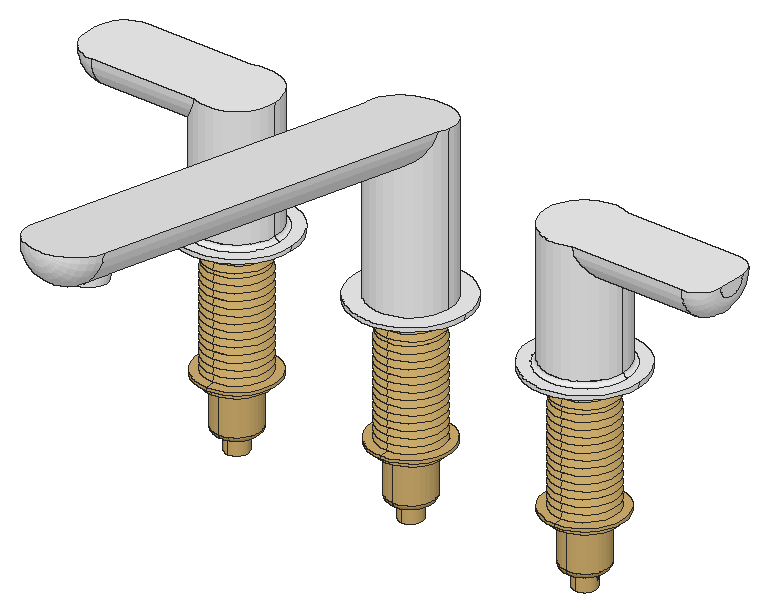
Revit family "Roman_Tub_Filler-American_Standard-Studio_S-T10590X_Series", category Plumbing Fixtures, Revit 2014
Parameters (values of type "T105900")
  Width = 2 1/2"  # constant formula
  Waste Connection = no
  Warranty Information = "Limited Lifetime Function and Finish Warranty"  # constant formula
  WFU = 4
  Vent Connection = no
  URL = "https://www.americanstandard-us.com/"
  Specification = "Two handle deck-mount tub filler shall feature cast brass construction. Shall also feature 1/4 turn washerless ceramic disc valve cartridges."  # constant formula
  Shower Connection Size = if(Shower, 1/2", 0")  # 0"
  Shower Connection Description = if(Shower, "1/2'' Global Inlet Connection", "")  # ""
  Shower = no
  R910 Universal Roman Tub Filler Rough Body – WITH Personal Shower = Shower  # no
  R900 Universal Roman Tub Filler Rough Body – Less Personal Shower = not(Shower)  # yes
  Product Page URL = "https://www.americanstandard-us.com/bathroom/tub-fillers/studio-s-roman-tub-faucet-for-flash-rough-in-valves-33981"
  Product Documentation Link = "https://www.americanstandard-us.com/-/media/sites/asus/files/product-specs/tub-fillers/2018/studio-s-roman-tub-filler-t10590x/specsheet-t105900-t105901.pdf?la=en"
  Price = "Prices may vary. Please consult Manufacturer Representative for most up-to-date price list."  # constant formula
  Model = "T105900"
  Material = "Brass-American Standard-002-Polished Chrome"
  Manufacturer = "American Standard"  # constant formula
  Length = 4"
  Installation Type = "Deck Mounted"  # constant formula
  Hot Water Connection Radius = 1/4"  # constant formula
  Hot Water Connection Diameter = Hot Water Connection Radius * 2  # 1/2"
  Height = 7 13/16"  # constant formula
  Hand Shower = 12"
  HWFU = 3
  HW Connection = yes
  Finish = Brass-American Standard-002-Polished Chrome
  Description = "T105900 Roman Tub Filler Trim LESS Personal Shower, R900 Flash™ Roman Tub Filler Rough Body"
  Default Elevation = 0"
  Creation Date = "10/01/2018"  # constant formula
  Cold Water Connection Radius = 1/4"  # constant formula
  Cold Water Connection Diameter = Cold Water Connection Radius * 2  # 1/2"
  CWFU = 3
  CW Connection = yes
  Assembly Code = "D2020300"
  ADA Compliant = yes
Types (3): name | Shower Connection Size | Shower Connection Description | Shower | R910 Universal Roman Tub Filler Rough Body – WITH Personal Shower | R900 Universal Roman Tub Filler Rough Body – Less Personal Shower | Product Page URL | Model | Description
  (no name) | 0" | "" | no | no | yes | "https://www.americanstandard-us.com/bathroom/tub-fillers/studio-s-roman-tub-faucet-for-flash-rough-in-valves-33981" | "T105900" | "T105900 Roman Tub Filler Trim LESS Personal Shower, R900 Flash™ Roman Tub Filler Rough Body"
  T105900 | 0" | "" | no | no | yes | "https://www.americanstandard-us.com/bathroom/tub-fillers/studio-s-roman-tub-faucet-for-flash-rough-in-valves-33981" | "T105900" | "T105900 Roman Tub Filler Trim LESS Personal Shower, R900 Flash™ Roman Tub Filler Rough Body"
  T105901 | 1/2" | "1/2'' Global Inlet Connection" | yes | yes | no | "https://www.americanstandard-us.com/bathroom/tub-fillers/studio-s-roman-tub-faucet-with-personal-shower-for-flash-rough-in-valves-33985" | "T105901" | "T105901 Roman Tub Filler Trim WITH Personal Shower R910 Flash Roman Tub Filler Rough Body"
Reference planes (in)
  plane 1 "Center (Front/Back)": y = 0.0000966
  plane 2: z = 0
  plane 3 "Center (Left/Right)": x = 0
  plane 4: z = 0
  plane 5: z = 0
  plane 6: z = 2.9375
  plane 7: z = 2.125
  plane 8: x = 1.09375
  plane 9: x = -1.09375
  plane 10: y = 0.8125913
  plane 11: y = -0.8124087
  plane 12: y = 0.8125966
  plane 13: y = -0.8124034
  plane 14: x = 4.1875
  plane 15: x = 2.5625
  plane 16: x = 7.375
  plane 17: x = -7.3750052
  plane 18: x = 12
  plane 19: x = 12.75
  plane 20: x = 11.25
  plane 21: y = 0.8125966
  plane 22: y = -0.8124034
  plane 23: x = 12.8125
  plane 24: x = 11.1875
  plane 25: z = 6.75
  plane 26: y = 1.2500966
  plane 27: y = -10.7499034
  plane 28: z = 4.75
  plane 29: z = 5.6875
  plane 30: y = -9.4374034
  plane 31: z = 7.8125
  plane 32: y = -1.2499034
  plane 33: x = 4
  plane 34: x = -4
Forms (in)
  Extrusion 1, solid, material "Brass-American Standard"
    sketch origin (-2, 0.25, 0) x (1, 0, 0) y (0, 1, 0)
      loop
        circle (-2, -0.2499034) r 0.25
      loop
        circle (6, -0.2499034) r 0.25
    from -3.0739053 to -4.5166894
  Sweep 2, solid, material "Brass-American Standard-002-Polished Chrome" <- "Finish"
    path origin (-0.7896856, 0.0003181, 0.5781766) x (1, 0, 0) y (0, 1, 0)
      loop
        circle (0.7896856, -0.0002215) r 1.25
    profile origin (0, 1.2500966, 0.5781766) x (0, -1, 0) y (0, 0, 1)
      loop
        line (0.3673813, -0.4852445) -> (0, -0.4852445) -> (0, -0.5781766) -> (1.2165862, -0.5781766) -> (1.2165862, 3.6344416) -> (0.3673813, 3.6344416) -> (0.3673813, -0.4852445)
  Sweep 3, solid, material "Brass-American Standard-002-Polished Chrome" <- "Finish"
    path origin (-17.0100269, -34.5452184, 0.5781766) x (-1, 0, 0) y (0, -1, 0)
      loop
        circle (-13.0100269, -34.545315) r 1.25
    profile origin (-4, -1.2499034, 0.5781766) x (0, 1, 0) y (0, 0, 1)
      loop
        line (0.366411, 2.3593234) -> (0.366411, -0.3908914)
        arc (0.366411, -0.3908914) -> (0.3387756, -0.4576091) -> (0.2720579, -0.4852445) r 0.0943531
        line (0.2720579, -0.4852445) -> (0, -0.4852445) -> (0, -0.5781766) -> (1.1649426, -0.5781766) -> (1.1649426, 2.3593234) -> (0.366411, 2.3593234)
  Sweep 4, solid, material "Brass-American Standard-002-Polished Chrome" <- "Finish"
    path origin (44.9899678, -34.5452132, 0.5781766) x (-1, 0, 0) y (0, -1, 0)
      loop
        circle (40.9899678, -34.5453097) r 1.25
    profile origin (4, -1.2499034, 0.5781766) x (0, 1, 0) y (0, 0, 1)
      loop
        line (0.366411, 2.3593234) -> (0.366411, -0.3908914)
        arc (0.366411, -0.3908914) -> (0.3387756, -0.4576091) -> (0.2720579, -0.4852445) r 0.0943531
        line (0.2720579, -0.4852445) -> (0, -0.4852445) -> (0, -0.5781766) -> (1.2316159, -0.5781766) -> (1.2316159, 2.3593234) -> (0.366411, 2.3593234)
  Revolve 5, solid, material "Brass-American Standard-002-Polished Chrome" <- "Finish", visible <- "Shower"
    sketch origin (12, -178.2316012, 32.9903727) x (0, 0, 1) y (0, -1, 0)
      loop
        line (-32.4121961, -178.2316977) -> (-32.1206342, -178.2316977) -> (-32.1206342, -177.5884659)
        arc (-32.1206342, -177.5884659) -> (-32.2455806, -177.467432) -> (-32.4121961, -177.417431) r 0.3674536
        line (-32.4121961, -177.417431) -> (-32.4121961, -178.2316977)
      axis (-32.4121961, -178.2316977) -> (-32.1206342, -178.2316977)
    angle from 0 to 360
  Revolve 6, solid, material "Brass-American Standard-002-Polished Chrome" <- "Finish", visible <- "Shower"
    sketch origin (12, -178.2316012, 33.2599787) x (0, 0, 1) y (0, -1, 0)
      loop
        line (-32.1196218, -177.5706438) -> (-32.609373, -177.6516301) -> (-32.609373, -178.2666492) -> (-31.5179065, -178.0950909) -> (-31.607739, -177.5518434) -> (-32.1094745, -177.6332131) -> (-32.1196218, -177.5706438)
      axis (-32.6078489, -178.2758657) -> (-31.5178196, -178.0956162)
    angle from 0 to 360
  Sweep 7, solid, material "Brass-American Standard-002-Polished Chrome" <- "Finish", visible <- "Shower"
    path origin (119.9899678, -34.5452132, 0.5781766) x (-1, 0, 0) y (0, -1, 0)
      loop
        circle (107.9899678, -34.5453097) r 1.09375
    profile origin (12, -1.0936534, 0.5781766) x (0, 1, 0) y (0, 0, 1)
      loop
        line (0.1767695, -0.5781766) -> (1.0384158, -0.5781766) -> (1.0384158, 0) -> (0.1767695, 0) -> (0.1767695, -0.5781766)
  Revolve 8, solid, material "Brass-American Standard"
    sketch origin (-4, 0, 0.0929321) x (0, 0, -1) y (0, 1, 0)
      loop
        line (0.0929321, -0.6874034) -> (0.1266817, -0.6224039) -> (0.1816704, -0.6509555) -> (0.1964952, -0.6224039) -> (0.3216803, -0.6874034) -> (0.3554299, -0.6224039) -> (0.4516794, -0.6723793) -> (0.477628, -0.6224039) -> (0.6028131, -0.6874034) -> (0.6365627, -0.6224039) -> (0.7116776, -0.6614056) -> (0.7319284, -0.6224039) -> (0.8571135, -0.6874034) -> (0.890863, -0.6224039) -> (1.0160482, -0.6874034) -> (1.0497977, -0.6224039) -> (1.1749828, -0.6874034) -> (1.2087324, -0.6224039) -> (1.3339175, -0.6874034) -> (1.367667, -0.6224039) -> (1.4928522, -0.6874034) -> (1.5266017, -0.6224039) -> (1.6517868, -0.6874034) -> (1.6855364, -0.6224039) -> (1.8107215, -0.6874034) -> (1.844471, -0.6224039) -> (1.9696562, -0.6874034) -> (2.0034057, -0.6224039) -> (2.1285908, -0.6874034) -> (2.1623404, -0.6224039) -> (2.2875255, -0.6874034) -> (2.321275, -0.6224039) -> (2.4464602, -0.6874034) -> (2.4802097, -0.6224039) -> (2.6053948, -0.6874034) -> (2.6391444, -0.6224039) -> (2.7643295, -0.6874034) -> (2.798079, -0.6224039) -> (2.9232642, -0.6874034) -> (2.9555529, -0.6252173) -> (2.9555529, -0.8707812) -> (3.0199009, -0.8707812) -> (3.0199009, -0.7110327) -> (3.1668374, -0.7110327) -> (3.1668374, -0.4530678) -> (3.2216773, -0.5079077) -> (4.0907696, -0.5079077)
        arc (4.0907696, -0.5079077) -> (4.1666547, -0.4764751) -> (4.1980874, -0.4005899) r 0.1073178
        line (4.1980874, -0.4005899) -> (4.1980874, -0.3449726)
        arc (4.1980874, -0.3449726) -> (4.2259325, -0.2777485) -> (4.2931566, -0.2499034) r 0.0950692
        line (4.2931566, -0.2499034) -> (4.6096216, -0.2499034) -> (4.6096216, 0.0000966) -> (0.0929321, 0.0000966) -> (0.0929321, -0.6874034)
      axis (4.6096216, 0.0000966) -> (0.0929321, 0.0000966)
    angle from 0 to 360
  Revolve 9, solid, material "Brass-American Standard", visible <- "Shower"
    sketch origin (12, -178.2316012, 32.7734355) x (0, 0, 1) y (0, -1, 0)
      loop
        line (-32.7734355, -177.5754477) -> (-32.807185, -177.6091973) -> (-32.8721846, -177.5441977) -> (-32.9371841, -177.6091973) -> (-33.0021837, -177.5441977) -> (-33.0671832, -177.6091973) -> (-33.1321828, -177.5441977) -> (-33.1971823, -177.6091973) -> (-33.2621819, -177.5441977) -> (-33.3271814, -177.6091973) -> (-33.392181, -177.5441977) -> (-33.4571805, -177.6091973) -> (-33.5221801, -177.5441977) -> (-33.5871796, -177.6091973) -> (-33.6521792, -177.5441977) -> (-33.7171787, -177.6091973) -> (-33.7821782, -177.5441977) -> (-33.8471778, -177.6091973) -> (-33.9121773, -177.5441977) -> (-33.9771769, -177.6091973) -> (-34.0421764, -177.5441977) -> (-34.107176, -177.6091973) -> (-34.1721755, -177.5441977) -> (-34.2371751, -177.6091973) -> (-34.3021746, -177.5441977) -> (-34.3671742, -177.6091973) -> (-34.4321737, -177.5441977) -> (-34.4971733, -177.6091973) -> (-34.5621728, -177.5441977) -> (-34.6271724, -177.6091973) -> (-34.6921719, -177.5441977) -> (-34.7571714, -177.6091973) -> (-34.822171, -177.5441977) -> (-34.8871705, -177.6091973) -> (-34.9521701, -177.5441977) -> (-35.0171696, -177.6091973) -> (-35.0821692, -177.5441977) -> (-35.1471687, -177.6091973) -> (-35.2121683, -177.5441977) -> (-35.2743544, -177.6063839) -> (-35.2743544, -177.36082) -> (-35.3387024, -177.36082) -> (-35.3387024, -177.5205685) -> (-35.4856389, -177.5205685) -> (-35.4856389, -177.7785334) -> (-35.5404788, -177.7236935) -> (-36.4095711, -177.7236935)
        arc (-36.4095711, -177.7236935) -> (-36.4854562, -177.7551261) -> (-36.5168889, -177.8310112) r 0.1073178
        line (-36.5168889, -177.8310112) -> (-36.5168889, -177.8866286)
        arc (-36.5168889, -177.8866286) -> (-36.544734, -177.9538526) -> (-36.6119581, -177.9816977) r 0.0950692
        line (-36.6119581, -177.9816977) -> (-36.9284231, -177.9816977) -> (-36.9284231, -178.2316977) -> (-32.7734355, -178.2316977) -> (-32.7734355, -177.5754477)
      axis (-36.9284231, -178.2316977) -> (-32.7734355, -178.2316977)
    angle from 0 to 360
  Revolve 10, solid, material "Brass-American Standard"
    sketch origin (0, -0.3058687, 47.3165655) x (0, -1, 0) y (0, 0, 1)
      loop
        line (0.3815348, -47.3165655) -> (-0.3059652, -47.3165655) -> (-0.3059652, -51.833255) -> (-0.0559652, -51.833255) -> (-0.0559652, -51.51679)
        arc (-0.0559652, -51.51679) -> (-0.0281201, -51.4495659) -> (0.0391039, -51.4217208) r 0.0950692
        line (0.0391039, -51.4217208) -> (0.0947213, -51.4217208)
        arc (0.0947213, -51.4217208) -> (0.1706064, -51.3902881) -> (0.202039, -51.314403) r 0.1073178
        line (0.202039, -51.314403) -> (0.202039, -50.4453107) -> (0.1471991, -50.3904708) -> (0.405164, -50.3904708) -> (0.405164, -50.2435343) -> (0.5649125, -50.2435343) -> (0.5649125, -50.1791863) -> (0.3193486, -50.1791863) -> (0.3815348, -50.1468976) -> (0.3165352, -50.0217124) -> (0.3815348, -49.9879629) -> (0.3165352, -49.8627778) -> (0.3815348, -49.8290282) -> (0.3165352, -49.7038431) -> (0.3815348, -49.6700936) -> (0.3165352, -49.5449084) -> (0.3815348, -49.5111589) -> (0.3165352, -49.3859738) -> (0.3815348, -49.3522242) -> (0.3165352, -49.2270391) -> (0.3815348, -49.1932896) -> (0.3165352, -49.0681044) -> (0.3815348, -49.0343549) -> (0.3165352, -48.9091698) -> (0.3815348, -48.8754202) -> (0.3165352, -48.7502351) -> (0.3815348, -48.7164856) -> (0.3165352, -48.5913004) -> (0.3815348, -48.5575509) -> (0.3165352, -48.4323658) -> (0.3815348, -48.3986162) -> (0.3165352, -48.2734311) -> (0.3815348, -48.2396816) -> (0.3165352, -48.1144964) -> (0.3815348, -48.0807469) -> (0.3165352, -47.9555618) -> (0.3555369, -47.935311) -> (0.3165352, -47.8601961) -> (0.3815348, -47.8264465) -> (0.3165352, -47.7012614) -> (0.3665106, -47.6753128) -> (0.3165352, -47.5790633) -> (0.3815348, -47.5453137) -> (0.3165352, -47.4201286) -> (0.3450869, -47.4053038) -> (0.3165352, -47.3503151) -> (0.3815348, -47.3165655)
      axis (-0.3059652, -51.833255) -> (-0.3059652, -47.3165655)
    angle from 0 to 360
  Revolve 11, solid, material "Brass-American Standard"
    sketch origin (4, 0, 0.0929321) x (0, 0, -1) y (0, 1, 0)
      loop
        line (0.0929321, -0.6874034) -> (0.1266817, -0.6224039) -> (0.1816704, -0.6509555) -> (0.1964952, -0.6224039) -> (0.3216803, -0.6874034) -> (0.3554299, -0.6224039) -> (0.4516794, -0.6723793) -> (0.477628, -0.6224039) -> (0.6028131, -0.6874034) -> (0.6365627, -0.6224039) -> (0.7116776, -0.6614056) -> (0.7319284, -0.6224039) -> (0.8571135, -0.6874034) -> (0.890863, -0.6224039) -> (1.0160482, -0.6874034) -> (1.0497977, -0.6224039) -> (1.1749828, -0.6874034) -> (1.2087324, -0.6224039) -> (1.3339175, -0.6874034) -> (1.367667, -0.6224039) -> (1.4928522, -0.6874034) -> (1.5266017, -0.6224039) -> (1.6517868, -0.6874034) -> (1.6855364, -0.6224039) -> (1.8107215, -0.6874034) -> (1.844471, -0.6224039) -> (1.9696562, -0.6874034) -> (2.0034057, -0.6224039) -> (2.1285908, -0.6874034) -> (2.1623404, -0.6224039) -> (2.2875255, -0.6874034) -> (2.321275, -0.6224039) -> (2.4464602, -0.6874034) -> (2.4802097, -0.6224039) -> (2.6053948, -0.6874034) -> (2.6391444, -0.6224039) -> (2.7643295, -0.6874034) -> (2.798079, -0.6224039) -> (2.9232642, -0.6874034) -> (2.9555529, -0.6252173) -> (2.9555529, -0.8707812) -> (3.0199009, -0.8707812) -> (3.0199009, -0.7110327) -> (3.1668374, -0.7110327) -> (3.1668374, -0.4530678) -> (3.2216773, -0.5079077) -> (4.0907696, -0.5079077)
        arc (4.0907696, -0.5079077) -> (4.1666547, -0.4764751) -> (4.1980874, -0.4005899) r 0.1073178
        line (4.1980874, -0.4005899) -> (4.1980874, -0.3449726)
        arc (4.1980874, -0.3449726) -> (4.2259325, -0.2777485) -> (4.2931566, -0.2499034) r 0.0950692
        line (4.2931566, -0.2499034) -> (4.6096216, -0.2499034) -> (4.6096216, 0.0000966) -> (0.0929321, 0.0000966) -> (0.0929321, -0.6874034)
      axis (4.6096216, 0.0000966) -> (0.0929321, 0.0000966)
    angle from 0 to 360
  Extrusion 12, solid, material "Brass-American Standard-002-Polished Chrome" <- "Finish", visible <- "Shower"
    sketch origin (12, -0.0530595, 1.2406809) x (-1, 0, 0) y (0, -0.986602, -0.163147)
      loop
        circle (0, 0) r 0.6461096
    from 0.5082883 to 6.5560833
  Sweep 13, void
    path origin (12, -178.2316012, 32.7734355) x (0, 0, 1) y (0, -1, 0)
      loop
        line (-25.2826866, -176.4901335) -> (-27.7491913, -176.8979999)
    profile origin (12, -1.5375345, 6.2574966) x (0, 0.986602, 0.163147) y (1, 0, 0)
      loop
        arc (0.3180971, -0.5446751) -> (0.0195312, 0) -> (0.3180971, 0.5446751) r 0.6461096
        line (0.3180971, 0.5446751) -> (0.2844782, 0.5973631)
        arc (0.2844782, 0.5973631) -> (-0.0429688, 0) -> (0.2844782, -0.5973631) r 0.7086096
        line (0.2844782, -0.5973631) -> (0.3180971, -0.5446751)
  Revolve 14, solid, material "Brass-American Standard-002-Polished Chrome" <- "Finish"
    sketch origin (-3.375, 0.0000966, 0) x (1, 0, 0) y (0, 0, 1)
      loop
        line (-4.0000052, 2.9375) -> (-4.0000052, 2.8125)
        arc (-4.0000052, 2.8125) -> (-3.7986411, 2.3263641) -> (-3.3125052, 2.125) r 0.6875
        line (-3.3125052, 2.125) -> (-0.4794548, 2.125) -> (-0.4794548, 2.9375) -> (-4.0000052, 2.9375)
      axis (-0.4794548, 2.9375) -> (-4.0000052, 2.9375)
    angle from -90 to 90
  Revolve 15, solid, material "Brass-American Standard-002-Polished Chrome" <- "Finish"
    sketch origin (0, 0.0000966, 0) x (1, 0, 0) y (0, 0, 1)
      loop
        line (7.375, 2.9375) -> (3.775255, 2.9375) -> (3.775255, 2.125) -> (6.875, 2.125)
        arc (6.875, 2.125) -> (7.2285534, 2.2714466) -> (7.375, 2.625) r 0.5
        line (7.375, 2.625) -> (7.375, 2.9375)
      axis (3.775255, 2.9375) -> (7.375, 2.9375)
    angle from 90 to -90
  Revolve 16, solid, material "Brass-American Standard-002-Polished Chrome" <- "Finish"
    sketch origin (0, 0, 0) x (0, 1, 0) y (0, 0, 1)
      loop
        arc (-10.7491527, 5.6947464) -> (-10.5732723, 5.0558109) -> (-10.0084472, 4.7091914) r 0.9026339
        line (-10.0084472, 4.7091914) -> (0.0114352, 2.9424158) -> (0.15764, 3.7715845) -> (-10.7491527, 5.6947464)
      axis (0.15764, 3.7715845) -> (-10.7491527, 5.6947464)
    angle from -90 to 90
  Extrusion 17, void
    sketch origin (-3.375, -0.3058687, 47.3165655) x (0, 1, 0) y (0, 0, 1)
      loop
        line (-0.6898554, -43.3416118) -> (1.3101446, -43.6942658) -> (1.3101446, -43.0292102) -> (-0.6898554, -43.0292102) -> (-0.6898554, -43.3416118)
    from 2.28125 to 4.34375
  Revolve 18, solid, material "Brass-American Standard-002-Polished Chrome" <- "Finish"
    sketch origin (0, -0.0742187, 0.0234375) x (0, 1, 0) y (0, 0, 1)
      loop
        line (-9.371733, 4.502403) -> (-9.3140819, 4.8293588) -> (-9.8064858, 4.9161829) -> (-9.8534762, 4.6496867)
        arc (-9.8534762, 4.6496867) -> (-9.617847, 4.5588977) -> (-9.371733, 4.502403) r 1.7780676
      axis (-9.3140819, 4.8293588) -> (-9.371733, 4.502403)
    angle from 0 to 360
  Extrusion 19, solid, material "Brass-American Standard-002-Polished Chrome" <- "Finish"
    sketch origin (0, 0, 0) x (0, 1, 0) y (0, 0, 1)
      loop
        line (0.0000966, 1.5965528) -> (0.0000966, 0.9068009) -> (0.9741759, 0.9068009)
        arc (0.9741759, 0.9068009) -> (1.0587958, 0.9418516) -> (1.0938466, 1.0264715) r 0.1196707
        line (1.0938466, 1.0264715) -> (1.0938466, 1.4632974)
        arc (1.0938466, 1.4632974) -> (1.054817, 1.5575232) -> (0.9605912, 1.5965528) r 0.1332554
        line (0.9605912, 1.5965528) -> (0.0000966, 1.5965528)
    from -0.1450907 to 0.1422486
  Extrusion 20, solid, not visible
    sketch origin (12, 0.0000966, -4.1549876) x (-1, 0, 0) y (0, 1, 0)
      loop
        circle (0, 0) r 0.25
    from 0 to -0.0777894
Cuts and joins
  joined: Extrusion 1, Revolve 8
  Extrusion 17 cuts Sweep 2
  Extrusion 17 cuts Revolve 16
  joined: Sweep 2, Revolve 16, Revolve 18, Extrusion 19
  Sweep 13 cuts Extrusion 12
  joined: Revolve 6, Extrusion 12
  joined: Sweep 3, Revolve 14
  joined: Sweep 4, Revolve 15
Lines and regions (in)
  Masking region 1
    outline origin (0, 0.375, 0.8906766) x (-1, 0, 0) y (0, -1, 0)
      loop
        arc (-12.6461096, 1.0255919) -> (-12, -0.5420771) -> (-11.3538904, 1.0255919) r 0.9169805
        line (-11.3538904, 1.0255919) -> (-11.3538904, 1.4988962)
        spline (-11.3538904, 1.4988962) -> (-11.375906, 1.6638811) -> (-11.4404526, 1.8176226) -> (-11.5431315, 1.9496435) -> (-11.6769452, 2.0509466) -> (-11.8327745, 2.1146284) -> (-12, 2.1363491) -> (-12.1672255, 2.1146284) -> (-12.3230548, 2.0509466) -> (-12.4568685, 1.9496435) -> (-12.5595474, 1.8176226) -> (-12.624094, 1.6638811) -> (-12.6461096, 1.4988962)
        line (-12.6461096, 1.4988962) -> (-12.6461096, 1.0255919)
  Masking region 2
    outline origin (0, 0.375, 0.8906766) x (-1, 0, 0) y (0, -1, 0)
      loop
        line (4.9499178, -0.4375966) -> (6.6875052, -0.4375966)
        arc (6.6875052, -0.4375966) -> (7.1736411, -0.2362325) -> (7.3750052, 0.2499034) r 0.6875
        line (7.3750052, 0.2499034) -> (7.3750052, 0.4999034)
        arc (7.3750052, 0.4999034) -> (7.1736411, 0.9860393) -> (6.6875052, 1.1874034) r 0.6875
        line (6.6875052, 1.1874034) -> (4.9499178, 1.1874034)
        arc (4.9499178, 1.1874034) -> (3.566928, 1.5474854) -> (2.75, 0.3749034) r 1.25
        arc (2.75, 0.3749034) -> (3.566928, -0.7976786) -> (4.9499178, -0.4375966) r 1.25
  Masking region 3
    outline origin (0, 0.375, 0.8906766) x (-1, 0, 0) y (0, -1, 0)
      loop
        line (-6.875, -0.4375966) -> (-4.9499178, -0.4375966)
        arc (-4.9499178, -0.4375966) -> (-2.75, 0.3749034) -> (-4.9499178, 1.1874034) r 1.25
        line (-4.9499178, 1.1874034) -> (-6.875, 1.1874034)
        arc (-6.875, 1.1874034) -> (-7.2285534, 1.0409568) -> (-7.375, 0.6874034) r 0.5
        line (-7.375, 0.6874034) -> (-7.375, 0.0624034)
        arc (-7.375, 0.0624034) -> (-7.2285534, -0.29115) -> (-6.875, -0.4375966) r 0.5
  Masking region 4
    outline origin (0, 0.375, 0.8906766) x (-1, 0, 0) y (0, -1, 0)
      loop
        arc (-0.8419601, 1.2988099) -> (0, -0.8750966) -> (0.8419601, 1.2988099) r 1.25
        line (0.8419601, 1.2988099) -> (0.8419601, 10.179728)
        spline (0.8419601, 10.179728) -> (0.8345427, 10.2995913) -> (0.8124351, 10.417123) -> (0.776067, 10.5300371) -> (0.7261461, 10.636137) -> (0.6636433, 10.733359) -> (0.5897745, 10.819812) -> (0.5059764, 10.8938143) -> (0.4138791, 10.9539265) -> (0.315274, 10.9989792) -> (0.2120793, 11.0280961) -> (0.1063021, 11.0407109) -> (0, 11.0365781)
        spline (0, 11.0365781) -> (-0.1063021, 11.0407109) -> (-0.2120793, 11.0280961) -> (-0.315274, 10.9989792) -> (-0.4138791, 10.9539265) -> (-0.5059764, 10.8938143) -> (-0.5897745, 10.819812) -> (-0.6636433, 10.733359) -> (-0.7261461, 10.636137) -> (-0.776067, 10.5300371) -> (-0.8124351, 10.417123) -> (-0.8345427, 10.2995913) -> (-0.8419601, 10.179728)
        line (-0.8419601, 10.179728) -> (-0.8419601, 1.2988099)
  symbolic lines, detail levels medium+fine
    curve 1: spline (12.6461096, -1.1238962, 0.8906766) -> (12.624094, -0.9589112, 0.8906766) -> (12.5595474, -0.8051697, 0.8906766) -> (12.4568685, -0.6731488, 0.8906766) -> (12.3230548, -0.5718457, 0.8906766) -> (12.1672255, -0.5081639, 0.8906766) -> (12, -0.4864432, 0.8906766) -> (11.8327745, -0.5081639, 0.8906766) -> (11.6769452, -0.5718457, 0.8906766) -> (11.5431315, -0.6731488, 0.8906766) -> (11.4404526, -0.8051697, 0.8906766) -> (11.375906, -0.9589112, 0.8906766) -> (11.3538904, -1.1238962, 0.8906766)
    curve 2: spline (11.3538904, -0.135985, 0.8906766) -> (11.375906, 0.029, 0.8906766) -> (11.4404526, 0.1827415, 0.8906766) -> (11.5431315, 0.3147623, 0.8906766) -> (11.6769452, 0.4160655, 0.8906766) -> (11.8327745, 0.4797473, 0.8906766) -> (12, 0.501468, 0.8906766) -> (12.1672255, 0.4797473, 0.8906766) -> (12.3230548, 0.4160655, 0.8906766) -> (12.4568685, 0.3147623, 0.8906766) -> (12.5595474, 0.1827415, 0.8906766) -> (12.624094, 0.029, 0.8906766) -> (12.6461096, -0.135985, 0.8906766)
    curve 3: arc (12.6461096, -0.6505919, 0.8906766) -> (12, 0.9170771, 0.8906766) -> (11.3538904, -0.6505919, 0.8906766) r 0.9169805
    curve 5: line (11.3538904, -1.1238962, 0.8906766) -> (11.3538904, -0.135985, 0.8906766)
    curve 6: line (12.6461096, -1.1238962, 0.8906766) -> (12.6461096, -0.135985, 0.8906766)
    curve 9: arc (0.8419601, -0.2647035, 0.8906766) -> (0, 0.8827153, 0.8906766) -> (-0.8419601, -0.2647035, 0.8906766) r 0.8826187
    curve 10: line (-0.8419601, -0.2647035, 0.8906766) -> (-0.8419601, -0.9087075, 0.8906766)
    curve 11: line (0.8419601, -0.9087075, 0.8906766) -> (0.8419601, -0.2647035, 0.8906766)
    curve 12: arc (-3.116411, 0.0000966, 0.8906766) -> (-3.5132172, 0.7375055, 0.8906766) -> (-4.3472365, 0.8125966, 0.8906766) r 0.883589
    curve 13: arc (-4.3472365, -0.8124034, 0.8906766) -> (-3.5132172, -0.7373124, 0.8906766) -> (-3.116411, 0.0000966, 0.8906766) r 0.883589
    curve 14: line (-4.9499178, -0.8124034, 0.8906766) -> (-4.3472365, -0.8124034, 0.8906766)
    curve 15: line (-4.9499178, 0.8125966, 0.8906766) -> (-4.3472365, 0.8125966, 0.8906766)
    curve 16: arc (4.3472365, 0.8125966, 0.8906766) -> (3.116411, 0.0000966, 0.8906766) -> (4.3472365, -0.8124034, 0.8906766) r 0.883589
    curve 17: line (4.3472365, -0.8124034, 0.8906766) -> (4.9499178, -0.8124034, 0.8906766)
    curve 18: line (4.3472365, 0.8125966, 0.8906766) -> (4.9499178, 0.8125966, 0.8906766)
    curve 19: line (-0.1450907, 0.8707082, 0.8906766) -> (-0.1450907, 1.0938466, 0.8906766)
    curve 20: line (0.1422486, 1.0938466, 0.8906766) -> (0.1422486, 0.871177, 0.8906766)
    curve 21: line (0.1422486, 1.0938466, 0.8906766) -> (-0.1450907, 1.0938466, 0.8906766)
  symbolic lines, detail levels fine
    curve 4: arc (11.3538904, -0.4954564, 0.8906766) -> (12, 0.8143634, 0.8906766) -> (12.6461096, -0.4954564, 0.8906766) r 0.8142668
    curve 7: spline (12.5881912, 0.1278517, 0.8906766) -> (12.5368057, 0.2452543, 0.8906766) -> (12.461662, 0.3494526, 0.8906766) -> (12.3660859, 0.4358349, 0.8906766) -> (12.2543073, 0.500578, 0.8906766) -> (12.1312734, 0.5408165, 0.8906766) -> (12.0024295, 0.5547694, 0.8906766) -> (11.8734782, 0.5418194, 0.8906766) -> (11.7501265, 0.5025395, 0.8906766) -> (11.6378338, 0.4386681, 0.8906766) -> (11.5415701, 0.3530322, 0.8906766) -> (11.4655958, 0.2494219, 0.8906766) -> (11.4132735, 0.1324227, 0.8906766)
    curve 8: arc (12.6408704, -0.0549704, 0.8906766) -> (12, 0.6433284, 0.8906766) -> (11.3591296, -0.0549704, 0.8906766) r 0.6432319
Dimensions and locks (in)
  locked: plane 10 to plane 11 at 1.625
  locked: plane 12 to plane 13 at 1.625
  plane 15 to plane 14 = 1 5/8"
  locked: plane 21 to plane 22 at 1.625
  plane 24 to plane 18 to plane 23 = 13/16" locked, 13/16" locked
  equal spacing: plane 19, plane 18, plane 20, locked at 0.75 each
  locked: plane 19 to plane 20 at 1.5
  "Hand Shower": plane 18 to plane 3 "Center (Left/Right)"
  level to plane 6 = 2 15/16"
  plane 8 to plane 3 "Center (Left/Right)" to plane 9 = 1 3/32" locked, 1 3/32" locked
  plane 6 to level = 2 15/16"
  Revolve 14 sketch curve to Revolve 14 sketch curve = 3.52055"
  locked: Revolve 15 sketch curve to Revolve 15 sketch curve at 0.8125
  plane 28 to level = 4 3/4"
  plane 26 to plane 27 = 12"
  plane 1 "Center (Front/Back)" to plane 30 = 9 7/16"
  Extrusion 19 sketch curve to Extrusion 19 sketch curve = 0.68975"
  "Width": plane 32 to plane 26
  "Height": plane 31 to level
  locked: plane 16 to plane 33 at 3.375
  locked: plane 34 to plane 17 at 3.3750052
  equal spacing: plane 33, plane 3 "Center (Left/Right)", plane 34
  "Length": plane 33 to plane 3 "Center (Left/Right)"
  locked: Revolve 15 sketch curve to plane 33 at 0.224745
  locked: Revolve 14 sketch curve to plane 34 at 0.1455452
  plane 33 to plane 34 = 8"
  locked: Masking region 2 sketch curve to Masking region 2 sketch curve at 1.625
  locked: Masking region 3 sketch curve to Masking region 3 sketch curve at 1.625
  aligned and locked: plane 5 to plane 4
  aligned and locked: plane 1 "Center (Front/Back)" to Extrusion 1 sketch curve  (x2)
  aligned and locked: plane 1 "Center (Front/Back)" to Revolve 8 sketch curve
  aligned and locked: plane 3 "Center (Left/Right)" to Revolve 10
  aligned and locked: Extrusion 1 to Revolve 10  (x2)
  aligned and locked: plane 1 "Center (Front/Back)" to Sweep 3 sketch curve
  aligned and locked: plane 1 "Center (Front/Back)" to Sweep 4 sketch curve
  aligned and locked: Extrusion 12 to Revolve 6
  aligned and locked: Masking region 1 sketch curve to Sweep 7
  aligned and locked: curve 3 to Sweep 7
  aligned and locked: curve 4 to Revolve 5
  aligned and locked: Revolve 14 sketch curve to plane 6
  aligned and locked: Revolve 14 sketch curve to plane 7
  aligned and locked: Revolve 15 sketch curve to plane 16
  aligned and locked: Revolve 15 sketch curve to plane 6
  aligned and locked: plane 6 to Revolve 15 sketch curve
  aligned and locked: Revolve 16 to Extrusion 17 sketch curve
  aligned and locked: Extrusion 17 to plane 9
  aligned and locked: Masking region 2 sketch curve to cut or joined group of Sweep 3, Revolve 14  (x4)
  aligned and locked: Masking region 3 sketch curve to cut or joined group of Sweep 4, Revolve 15  (x3)
  aligned and locked: Masking region 4 sketch curve to cut or joined group of Sweep 2, Revolve 16, Extrusion 17, Revolve 18, Extrusion 19
  aligned and locked: cut or joined group of Sweep 2, Revolve 16, Extrusion 17, Revolve 18, Extrusion 19 to Masking region 4 sketch curve  (x2)
  aligned and locked: curve 9 to cut or joined group of Sweep 2, Revolve 16, Extrusion 17, Revolve 18, Extrusion 19
  aligned and locked: curve 10 to cut or joined group of Sweep 2, Revolve 16, Extrusion 17, Revolve 18, Extrusion 19
  aligned and locked: cut or joined group of Sweep 2, Revolve 16, Extrusion 17, Revolve 18, Extrusion 19 to curve 11
  aligned and locked: curve 12 to cut or joined group of Sweep 3, Revolve 14
  aligned and locked: curve 13 to cut or joined group of Sweep 3, Revolve 14
  aligned and locked: curve 16 to cut or joined group of Sweep 4, Revolve 15
  aligned and locked: plane 1 "Center (Front/Back)" to Extrusion 19 sketch curve
  aligned and locked: Extrusion 19 to curve 19
  aligned and locked: curve 20 to Extrusion 19
  aligned and locked: Extrusion 20 sketch curve to Revolve 9
  aligned and locked: Extrusion 20 to Revolve 9
  aligned and locked: plane 33 to Sweep 4 sketch curve
  aligned and locked: plane 34 to Sweep 3 sketch curve
  aligned and locked: plane 34 to Extrusion 1 sketch curve
  aligned and locked: plane 33 to Extrusion 1 sketch curve
Automatic sketch dimensions
  Revolve 5 sketch curve to plane 1 "Center (Front/Back)" = 0"  (x2)
  Revolve 5 sketch curve to Revolve 5 sketch curve = 0.01931"
  Revolve 5 sketch curve to Revolve 5 sketch curve = 0.29156"
  plane 1 "Center (Front/Back)" to Revolve 5 sketch curve = 0.44732"
  Revolve 5 sketch curve to Revolve 5 sketch curve = 0.19591"
  Revolve 5 sketch curve to Revolve 5 sketch curve = 0.28"
  Revolve 5 sketch curve to Revolve 5 sketch curve = 1/4"
  Revolve 6 sketch curve to plane 1 "Center (Front/Back)" = 0.03495"
  level to Revolve 6 sketch curve = 0.65061"
  Revolve 6 sketch curve to Revolve 6 sketch curve = 0.48975"
  Revolve 6 sketch curve to Revolve 6 sketch curve = 0.01015"
  plane 1 "Center (Front/Back)" to Revolve 6 sketch curve = 0.13661"
  Revolve 6 sketch curve to Revolve 6 sketch curve = 23/256"
  Revolve 6 sketch curve to Revolve 6 sketch curve = 0.08099"
  plane 1 "Center (Front/Back)" to Revolve 6 sketch curve = 0.14318"
  Revolve 6 sketch curve to Revolve 6 sketch curve = 0.04302"
  plane 1 "Center (Front/Back)" to Revolve 6 sketch curve = 0.16984"
  Revolve 6 sketch curve to Revolve 6 sketch curve = 0.16119"
  plane 1 "Center (Front/Back)" to Sweep 7 sketch curve = 0"
  Sweep 7 sketch curve to plane 18 = 0"
  Revolve 9 sketch curve to plane 1 "Center (Front/Back)" = 0"  (x2)
  Revolve 9 sketch curve to level = 0"
  Revolve 9 sketch curve to level = 0.03375"
  Revolve 9 sketch curve to Revolve 9 sketch curve = 0.065"  (x11)
  Revolve 9 sketch curve to Revolve 9 sketch curve = 0.06219"
  Revolve 9 sketch curve to Revolve 9 sketch curve = 0.06435"
  Revolve 9 sketch curve to Revolve 9 sketch curve = 0.14694"
  Revolve 9 sketch curve to Revolve 9 sketch curve = 0.05484"  (x2)
  Revolve 9 sketch curve to Revolve 9 sketch curve = 0.86909"
  Revolve 9 sketch curve to Revolve 9 sketch curve = 0.10732"
  Revolve 9 sketch curve to Revolve 9 sketch curve = 0.09507"
  Revolve 9 sketch curve to Revolve 9 sketch curve = 0.31646"
  Revolve 9 sketch curve to Revolve 9 sketch curve = 1/4"
  Revolve 9 sketch curve to Revolve 9 sketch curve = 0.05562"
  Revolve 9 sketch curve to Revolve 9 sketch curve = 13/64"
  Revolve 9 sketch curve to Revolve 9 sketch curve = 0.15975"
  Revolve 9 sketch curve to Revolve 9 sketch curve = 0.1675"
  Revolve 9 sketch curve to Revolve 9 sketch curve = 0.26"
  Revolve 10 sketch curve to plane 1 "Center (Front/Back)" = 0"  (x2)
  Revolve 10 sketch curve to level = 0"
  plane 1 "Center (Front/Back)" to Revolve 10 sketch curve = 1/4"
  Revolve 10 sketch curve to Revolve 10 sketch curve = 0.09507"
  Revolve 10 sketch curve to Revolve 10 sketch curve = 0.05562"
  plane 1 "Center (Front/Back)" to Revolve 10 sketch curve = 0.45316"
  Revolve 10 sketch curve to Revolve 10 sketch curve = 0.05484"  (x2)
  Revolve 10 sketch curve to level = 0.03375"
  plane 1 "Center (Front/Back)" to Revolve 10 sketch curve = 0.6225"  (x2)
  Revolve 10 sketch curve to level = 0.10356"
  Revolve 10 sketch curve to Revolve 10 sketch curve = 0"  (x15)
  Revolve 10 sketch curve to Revolve 10 sketch curve = 0.00281"
  Revolve 10 sketch curve to level = 0.08874"
  Revolve 10 sketch curve to Revolve 10 sketch curve = 0.039"
  Revolve 10 sketch curve to Revolve 10 sketch curve = 0.04998"
  Revolve 10 sketch curve to level = 0.22875"
  Revolve 10 sketch curve to Revolve 10 sketch curve = 0.065"  (x14)
  Revolve 10 sketch curve to level = 0.50988"
  Revolve 10 sketch curve to Revolve 10 sketch curve = 0.06219"
  Revolve 10 sketch curve to Revolve 10 sketch curve = 13/64"
  Revolve 10 sketch curve to Revolve 10 sketch curve = 0.15975"
  Revolve 10 sketch curve to Revolve 10 sketch curve = 0.06435"
  Revolve 10 sketch curve to Revolve 10 sketch curve = 0.14694"
  Revolve 10 sketch curve to Revolve 10 sketch curve = 0.86909"
  Revolve 10 sketch curve to Revolve 10 sketch curve = 0.31646"
  Revolve 10 sketch curve to Revolve 10 sketch curve = 0.1675"
  Revolve 10 sketch curve to Revolve 10 sketch curve = 0.26"
  Sweep 13 sketch curve to Sweep 13 sketch curve = 0"  (x4)
  Sweep 13 sketch curve to plane 18 = 0"
  Sweep 13 sketch curve to profile plane = 0.28448"  (x2)
  Sweep 13 sketch curve to Sweep 13 sketch curve = 0.03362"  (x2)
  Sweep 13 sketch curve to Sweep 13 sketch curve = 0.34754"
  plane 18 to Sweep 13 sketch curve = 0.54468"
  Sweep 13 sketch curve to Sweep 13 sketch curve = 0.05269"
  Masking region 1 sketch curve to plane 18 = 0"
  Masking region 1 sketch curve to plane 19 = 0.10389"
  Sweep 3 sketch curve to profile plane = 0"
  Sweep 3 sketch curve to Sweep 3 sketch curve = 0.27206"
  Sweep 3 sketch curve to profile plane = 0.36641"
  Sweep 3 sketch curve to Sweep 3 sketch curve = 0.79853"
  Sweep 3 sketch curve to profile plane = 0.57818"
  Sweep 3 sketch curve to Sweep 3 sketch curve = 0.09293"
  profile plane to Sweep 3 sketch curve = 2.35932"
  Revolve 14 sketch curve to plane 6 = 0"
  Revolve 14 sketch curve to plane 6 = 1/8"
  Revolve 14 sketch curve to plane 17 = 3.67327"
  Revolve 14 sketch curve to Revolve 14 sketch curve = 0.19356"
  level to Revolve 5 sketch curve = 0.55887"
  Sweep 4 sketch curve to profile plane = 0"
  Sweep 4 sketch curve to profile plane = 0.27206"
  Sweep 4 sketch curve to profile plane = 0.36641"
  Sweep 4 sketch curve to Sweep 4 sketch curve = 0.8652"
  Sweep 4 sketch curve to profile plane = 0.57818"
  Sweep 4 sketch curve to Sweep 4 sketch curve = 0.09293"
  profile plane to Sweep 4 sketch curve = 2.35932"
  Revolve 15 sketch curve to plane 6 = 0"
  Revolve 15 sketch curve to plane 16 = 1/2"
  Revolve 15 sketch curve to Revolve 15 sketch curve = 1/4"  (x2)
  plane 1 "Center (Front/Back)" to Sweep 2 sketch curve = 0"
  Sweep 2 sketch curve to plane 3 "Center (Left/Right)" = 0"
  Sweep 2 sketch curve to profile plane = 0"
  Sweep 2 sketch curve to Sweep 2 sketch curve = 0.36738"
  Sweep 2 sketch curve to Sweep 2 sketch curve = 0.8492"
  Sweep 2 sketch curve to profile plane = 0.57818"
  Sweep 2 sketch curve to Sweep 2 sketch curve = 0.09293"
  profile plane to Sweep 2 sketch curve = 3.63444"
  Extrusion 17 sketch curve to Extrusion 17 sketch curve = 0.3124"
  Sweep 7 sketch curve to profile plane = 0"
  Sweep 7 sketch curve to profile plane = 0.17677"
  Sweep 7 sketch curve to Sweep 7 sketch curve = 0.86165"
  Sweep 7 sketch curve to profile plane = 0.57818"
  plane 28 to Sweep 13 sketch curve = 0.27424"
  Sweep 13 sketch curve to plane 31 = 0.32175"
  plane 28 to Revolve 18 sketch curve = 0.18962"
  Revolve 18 sketch curve to plane 30 = 0.0491"
  Revolve 18 sketch curve to plane 30 = 0.26519"
  plane 28 to Revolve 18 sketch curve = 0.1028"
  Revolve 18 sketch curve to Revolve 18 sketch curve = 0.04699"
  Revolve 18 sketch curve to plane 28 = 0.07688"
  plane 30 to Revolve 18 sketch curve = 0.03334"
  plane 30 to Revolve 18 sketch curve = 0.01412"
  plane 30 to Revolve 18 sketch curve = 0.00855"
  Revolve 18 sketch curve to Revolve 18 sketch curve = 0.03161"
  Revolve 18 sketch curve to Revolve 18 sketch curve = 0.10902"
  Masking region 3 sketch curve to Masking region 3 sketch curve = 0"
  Masking region 4 sketch curve to plane 3 "Center (Left/Right)" = 0"
  plane 30 to Masking region 4 sketch curve = 0.36732"
  Masking region 4 sketch curve to Masking region 4 sketch curve = 0"
  Masking region 4 sketch curve to Masking region 4 sketch curve = 0.15864"
  plane 3 "Center (Left/Right)" to Masking region 4 sketch curve = 0.07932"
  Masking region 4 sketch curve to plane 27 = 0.08833"
  level to Extrusion 19 sketch curve = 0.9068"
  curve 3 to curve 8 = 0"  (x2)
  curve 2 to plane 18 = 0"
  curve 7 to plane 18 = 0"
  curve 6 to plane 19 = 0.10389"
  plane 1 "Center (Front/Back)" to curve 6 = 0.13608"
  curve 7 to plane 19 = 0.16181"
  plane 1 "Center (Front/Back)" to curve 8 = 0.05507"
  curve 2 to curve 8 = 0.00524"
  curve 7 to plane 1 "Center (Front/Back)" = 0.13233"
  curve 7 to curve 8 = 0.05414"
  curve 7 to curve 8 = 0.02475"
  curve 18 to curve 16 = 0.60268"
  curve 17 to curve 16 = 0.60268"
  curve 12 to curve 15 = 0.60268"
  curve 14 to curve 14 = 0.60268"
  curve 7 to plane 1 "Center (Front/Back)" = 0.12776"
  Revolve 16 sketch curve to plane 27 = 0.00075"
  plane 29 to Revolve 16 sketch curve = 0.00725"
  Revolve 16 sketch curve to plane 28 = 0.04081"
  Revolve 16 sketch curve to plane 29 = 0.08939"
  plane 30 to Revolve 16 sketch curve = 0.4143"
  plane 6 to Revolve 16 sketch curve = 0.00492"
  Revolve 16 sketch curve to plane 1 "Center (Front/Back)" = 0.01134"
  plane 29 to Revolve 16 sketch curve = 0.06701"
  plane 27 to Revolve 16 sketch curve = 0.3382"
  plane 29 to Revolve 16 sketch curve = 0.12543"
  Revolve 16 sketch curve to Revolve 16 sketch curve = 0.33131"
  plane 26 to curve 21 = 5/32"
  plane 26 to Extrusion 17 sketch curve = 0.24582"
  plane 26 to Extrusion 19 sketch curve = 0.28951"
  plane 26 to Extrusion 19 sketch curve = 0.27592"
  Extrusion 19 sketch curve to Extrusion 19 sketch curve = 0.13326"
  curve 6 to plane 32 = 0.12601"
  curve 10 to plane 32 = 0.3412"
  curve 11 to plane 32 = 0.3412"
  Revolve 6 sketch curve to plane 7 = 0.47276"
  plane 1 "Center (Front/Back)" to Revolve 6 sketch curve = 0.58007"
  Revolve 6 sketch curve to Revolve 6 sketch curve = 0.06257"
  plane 1 "Center (Front/Back)" to Revolve 9 sketch curve = 0.6225"  (x14)
  Revolve 9 sketch curve to plane 32 = 9/16"  (x14)
  Revolve 10 sketch curve to level = 0.639"
  plane 32 to Sweep 13 sketch curve = 0.0837"
  plane 32 to Sweep 13 sketch curve = 0.49156"
  Masking region 1 sketch curve to plane 32 = 0.12601"
  Extrusion 17 sketch curve to plane 32 = 0.25418"
  plane 26 to curve 15 = 7/16"
  curve 14 to plane 32 = 7/16"
  curve 17 to plane 32 = 7/16"
  plane 26 to curve 18 = 7/16"
  Revolve 11 sketch curve to plane 1 "Center (Front/Back)" = 0"  (x2)
  Revolve 11 sketch curve to level = 0"
  Revolve 11 sketch curve to level = 0.03375"
  Revolve 11 sketch curve to Revolve 11 sketch curve = 0.05499"
  Revolve 11 sketch curve to Revolve 11 sketch curve = 0.01482"
  Revolve 11 sketch curve to Revolve 11 sketch curve = 0.12519"  (x5)
  Revolve 11 sketch curve to Revolve 11 sketch curve = 0.03375"  (x4)
  Revolve 11 sketch curve to Revolve 11 sketch curve = 0.09625"
  Revolve 11 sketch curve to Revolve 11 sketch curve = 0.02595"
  Revolve 11 sketch curve to Revolve 11 sketch curve = 0.07511"
  Revolve 11 sketch curve to Revolve 11 sketch curve = 0.02025"
  plane 1 "Center (Front/Back)" to Revolve 11 sketch curve = 0.6225"  (x12)
  Revolve 11 sketch curve to plane 32 = 9/16"  (x12)
  Revolve 11 sketch curve to Revolve 11 sketch curve = 0.03229"
  Revolve 11 sketch curve to Revolve 11 sketch curve = 0.06435"
  plane 1 "Center (Front/Back)" to Revolve 11 sketch curve = 0.45316"
  Revolve 11 sketch curve to Revolve 11 sketch curve = 0.21128"
  Revolve 11 sketch curve to Revolve 11 sketch curve = 0.05484"  (x2)
  Revolve 11 sketch curve to Revolve 11 sketch curve = 0.86909"
  Revolve 11 sketch curve to Revolve 11 sketch curve = 0.10732"
  Revolve 11 sketch curve to Revolve 11 sketch curve = 0.09507"
  Revolve 11 sketch curve to Revolve 11 sketch curve = 0.31646"
  Revolve 11 sketch curve to Revolve 11 sketch curve = 0.02363"
  Revolve 11 sketch curve to Revolve 11 sketch curve = 0.15975"
  Revolve 11 sketch curve to Revolve 11 sketch curve = 0.05562"
  Revolve 11 sketch curve to Revolve 11 sketch curve = 0.1675"
  Revolve 11 sketch curve to Revolve 11 sketch curve = 0.26"
  Revolve 8 sketch curve to level = 0"
  Revolve 8 sketch curve to plane 1 "Center (Front/Back)" = 0"
  Revolve 8 sketch curve to level = 0.03375"
  Revolve 8 sketch curve to Revolve 8 sketch curve = 0.05499"
  Revolve 8 sketch curve to Revolve 8 sketch curve = 0.01482"
  Revolve 8 sketch curve to Revolve 8 sketch curve = 0.12519"  (x4)
  Revolve 8 sketch curve to Revolve 8 sketch curve = 0.03375"  (x3)
  Revolve 8 sketch curve to Revolve 8 sketch curve = 0.09625"
  Revolve 8 sketch curve to Revolve 8 sketch curve = 0.02595"
  Revolve 8 sketch curve to Revolve 8 sketch curve = 0.07511"
  Revolve 8 sketch curve to Revolve 8 sketch curve = 0.02025"
  plane 1 "Center (Front/Back)" to Revolve 8 sketch curve = 0.6225"  (x13)
  Revolve 8 sketch curve to plane 32 = 9/16"  (x13)
  Revolve 8 sketch curve to Revolve 8 sketch curve = 0.03229"
  Revolve 8 sketch curve to Revolve 8 sketch curve = 0.06435"
  plane 1 "Center (Front/Back)" to Revolve 8 sketch curve = 0.45316"
  Revolve 8 sketch curve to Revolve 8 sketch curve = 0.21128"
  Revolve 8 sketch curve to Revolve 8 sketch curve = 0.05484"  (x2)
  Revolve 8 sketch curve to Revolve 8 sketch curve = 0.86909"
  Revolve 8 sketch curve to Revolve 8 sketch curve = 0.10732"
  Revolve 8 sketch curve to Revolve 8 sketch curve = 0.09507"
  Revolve 8 sketch curve to Revolve 8 sketch curve = 0.31646"
  Revolve 8 sketch curve to Revolve 8 sketch curve = 0.02363"
  Revolve 8 sketch curve to Revolve 8 sketch curve = 0.15975"
  Revolve 8 sketch curve to Revolve 8 sketch curve = 0.05562"
  Revolve 8 sketch curve to Revolve 8 sketch curve = 0.1675"
  Revolve 8 sketch curve to Revolve 8 sketch curve = 0.26"
  radius of Extrusion 1 sketch curve = 1/4"  (x2)
  radius of Sweep 7 sketch curve = 1 3/32"
  radius of Revolve 6 to Extrusion 12 sketch curve = 0.02999"
  radius of Sweep 3 sketch curve = 1 1/4"
  radius of Sweep 4 sketch curve = 1 1/4"
  radius of Sweep 2 sketch curve = 1 1/4"
Connectors (in)
  piping at (-4, 0.0000966, -4.5166894), diameter 0.5, driven by "Hot Water Connection Diameter", driven by "HWFU"
    settings: on Extrusion 1, index 1, connector inside diameter 24", connector length 0", flow factor 0, pipe flow 0 GPM, pressure drop 0.00 psi, fitting loss kfactor 0, connector angle 0.00°, fixture units 3, engagement length 0", angle of deflection 0.00°, flow configuration 3, flow direction 1, fitting loss method 0, system type 19, joint type 0, gender type 0, connector reference index -1, connector utility 0, adjustable connector no, is connector primary yes, connector description "1/2\" HW Supply Connection Inlet"
  piping at (4, 0.0000966, -4.5166894), diameter 0.5, driven by "Cold Water Connection Diameter", driven by "CWFU"
    settings: on Extrusion 1, index 2, connector inside diameter 24", connector length 0", flow factor 0, pipe flow 0 GPM, pressure drop 0.00 psi, fitting loss kfactor 0, connector angle 0.00°, fixture units 3, engagement length 0", angle of deflection 0.00°, flow configuration 3, flow direction 1, fitting loss method 0, system type 20, joint type 0, gender type 0, connector reference index -1, connector utility 0, adjustable connector no, is connector primary no, connector description "1/2\" CW Supply Connection Inlet"
  piping at (12, 0.0000966, -4.1549876), driven by "Shower Connection Size", driven by "Shower Connection Description"
    settings: on Extrusion 20, index 3, connector diameter 0", connector inside diameter 24", connector length 0", flow factor 0, pipe flow 0 GPM, pressure drop 0.00 psi, fitting loss kfactor 0, connector angle 0.00°, fixture units 0, engagement length 0", angle of deflection 0.00°, flow configuration 0, flow direction 1, fitting loss method 0, system type 29, joint type 0, gender type 0, connector reference index -1, connector utility 0, adjustable connector no, is connector primary no, connector description ""
